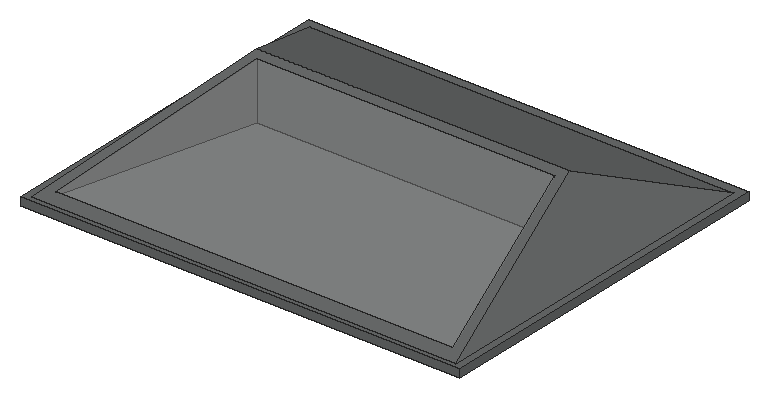
Revit family "LLF", category Lighting Fixtures, host Face, Revit 2014
Parameters (values of type "LLF")
  Wattage Comments = "21W"
  Wattage = 9.2903 W
  Watt = 21 W
  built-in parameter 1150110 = 1 (stored number, unit not read)
  Voltage = if(Is 120V, 120 V, 270 V)  # 120 V
  URL = "https://www.hubbell.com/kimlighting/en"
  Type Comments = "Flood Light"  # constant formula
  built-in parameter 1114217 = 1 (stored number, unit not read)
  Tilt Angle = 90.00°
  built-in parameter 1150109 = 1 (stored number, unit not read)
  built-in parameter 1150134 = 3
  built-in parameter 1150113 = 1 (stored number, unit not read)
  Product Material = Paint - Hubbell - Basic Black
  Product Link = "https://www.hubbell.com/kimlighting/en/Products/Lighting-Controls/Commercial-Outdoor-Lighting/Step-Lights/Low-Level-Flood/p/248415"
  Product Documentation Link = "https://hubbellcdn.com/catalogpage/kim_llfpled_psg.pdf"
  Photometric Web File = "llf10p35-20l3k.ies"
  Model = "LLF"
  Manufacturer = "Kim Lighting"  # constant formula
  built-in parameter 1150105 = 109.82 (stored number, unit not read)
  Lumens = 1380 lm
  built-in parameter 1150115 = 1 (stored number, unit not read)
  Load Classification = Lighting
  built-in parameter 1150137 = (empty or 0)
  built-in parameter 1150139 = (empty or 0)
  built-in parameter 1150112 = 1 (stored number, unit not read)
  built-in parameter 1150114 = 1 (stored number, unit not read)
  Lamp = "LED"
  Keynote = "Lighting"  # constant formula
  Is 270V = not(Is 120V)  # no
  Is 120V = yes
  built-in parameter 1150132 = (empty or 0)
  built-in parameter 1150102 = (empty or 0)
  built-in parameter 1150107 = 3200 (stored number, unit not read)
  built-in parameter 1150138 = (empty or 0)
  built-in parameter 1150106 = 1.0982 (stored number, unit not read)
  Glass = Hubbell - Glass
  built-in parameter 1150127 = 10.00"
  Emit from Rectangle Length = 6.00"
  Emit Shape Visible in Rendering = no
  built-in parameter 1150104 = 13.8 (stored number, unit not read)
  Dimming Lamp Color Temperature Shift = <None>
  Description = "Low Level Flood"  # constant formula
  Default Elevation = 48.00"
  Color Filter = 16777215
  built-in parameter 1114218 = 1 (stored number, unit not read)
  Emit from Rectangle Width = 120.00"
  Assembly Code = "D5020200"
  Apparent Load = Watt  # 21 VA
Reference planes (in)
  plane 1 "Center (Front/Back)": y = 0
  plane 2: z = 0
  plane 3 "Center (Left/Right)": x = 0
  plane 4: z = 0.25
  plane 5: x = -6.93
  plane 6: x = 6.93
  plane 7: y = 5.68
  plane 8: y = -5.68
  plane 9: z = 2.125
  plane 10: x = -6.68
  plane 11: x = 6.68
Forms (in)
  Extrusion 1, solid, material "Paint - Hubbell - Basic Black" <- "Product Material"
    sketch origin (0, 0, 0) x (1, 0, 0) y (0, 1, 0)
      loop
        line (-6.93, 5.68) -> (-6.93, -5.68) -> (6.93, -5.68) -> (6.93, 5.68) -> (-6.93, 5.68)
    from 0 to 0.25
  Extrusion 2, solid, material "Paint - Hubbell - Basic Black" <- "Product Material"
    sketch origin (0, 0, 0) x (0, 1, 0) y (0, 0, 1)
      loop
        line (5.43, 0.25) -> (1.15938, 2.125) -> (-5.52298, 0.25) -> (5.43, 0.25)
    from -6.68 to 6.68
  Extrusion 3, void
    sketch origin (0, 0, 0) x (1, 0, 0) y (0, 0, 1)
      loop
        line (-6.68, 0.25) -> (-4.58407, 2.49699) -> (-6.68, 2.49699) -> (-6.68, 0.25)
      loop
        line (6.68, 0.25) -> (6.68, 2.49699) -> (4.58407, 2.49699) -> (6.68, 0.25)
    from -5.68 to 5.68
  Extrusion 4, void
    sketch origin (0, 0, 0) x (1, 0, 0) y (0, 1, 0)
      loop
        line (4.69946, 0.85938) -> (-4.69946, 0.85938) -> (-6.26318, -5.11523) -> (6.26318, -5.11523) -> (4.69946, 0.85938)
    from 0.25 to 12
  Extrusion 5, solid, material "Hubbell - Glass" <- "Glass"
    sketch origin (0, 0, 0) x (1, 0, 0) y (0, 1, 0)
      loop
        line (-6.26318, -5.11523) -> (6.26318, -5.11523) -> (4.69946, 0.85938) -> (-4.69946, 0.85938) -> (-6.26318, -5.11523)
    from 0.25 to 3.21843
  Extrusion 6, void
    sketch origin (0, 0, 0) x (0, 1, 0) y (0, 0, 1)
      loop
        line (1.15938, 2.125) -> (1.15938, 4.125) -> (-5.68, 4.125) -> (-5.68, 0.25) -> (-5.52298, 0.25) -> (1.15938, 2.125)
    from -10.71972 to 12
Cuts and joins
  Extrusion 3, Extrusion 4, Extrusion 6 cuts Extrusion 2
  Extrusion 4, Extrusion 6 cuts Extrusion 1
  Extrusion 6 cuts Extrusion 5
Lines and regions (in)
  reference lines
    curve 1: line (-1.77128, 0, -2.5) -> (-2.16348, 0, 1.48288)
    curve 2: line (-4.22933, 0, -0.60987) -> (7.27411, 0, -0.60987)
    curve 3: line (4.77128, 0, -2.5) -> (5.16348, 0, 1.48288)
    curve 4: line (0, 1.75, 0.125) -> (0, 1.51884, 0.35616)
    curve 5: line (0, 1.51884, 0.35616) -> (0, 0.19036, 0.25)
    curve 6: line (0, -1.08463, 0.25) -> (0, -1.75, 0.125)
Dimensions and locks (in)
  equal spacing: plane 5, plane 3 "Center (Left/Right)", plane 6
  plane 5 to plane 6 = 13.86"
  equal spacing: plane 7, plane 1 "Center (Front/Back)", plane 8
  plane 7 to plane 8 = 11.36"
  locked: plane 4 to plane 2 at 0.25
  plane 9 to plane 2 = 2.125"
  plane 10 to plane 5 = 0.25"
  aligned and locked: plane 2 to host face
  aligned and locked: level to host face
  aligned and locked: Extrusion 1 sketch curve to plane 7
  aligned and locked: plane 5 to Extrusion 1 sketch curve
  aligned and locked: Extrusion 1 sketch curve to plane 8
  aligned and locked: Extrusion 1 sketch curve to plane 6
  aligned and locked: plane 4 to Extrusion 1
  aligned and locked: Extrusion 2 to plane 10
  aligned and locked: Extrusion 2 to plane 11
Automatic sketch dimensions
  host sketch curve to host sketch curve = 96.00"  (x2)
  curve 6 to plane 4 = 0.00"
  curve 5 to plane 4 = 0.00"
  plane 1 "Center (Front/Back)" to curve 6 = 1.75"
  curve 6 to curve 6 = 0.66537"
  curve 5 to plane 1 "Center (Front/Back)" = 0.19036"
  curve 5 to curve 5 = 1.32848"
  curve 4 to curve 4 = 0.23116"
  curve 2 to level = 0.60987"
  plane 5 to curve 2 = 2.70067"
  plane 4 to curve 1 = 1.23288"
  curve 2 to curve 1 = 2.06585"
  curve 2 to curve 1 = 2.45805"
  curve 3 to plane 6 = 2.15872"
  curve 3 to plane 6 = 1.76652"
  plane 6 to curve 2 = 0.34411"
  plane 4 to curve 3 = 1.23288"
  curve 1 to level = 2.50"
  curve 3 to level = 2.50"
  level to curve 4 = 0.35616"
  level to curve 4 = 0.125"
  level to curve 6 = 0.125"
  Extrusion 2 sketch curve to plane 4 = 0.00"
  Extrusion 2 sketch curve to plane 8 = 0.15702"
  Extrusion 2 sketch curve to plane 1 "Center (Front/Back)" = 1.15938"
  Extrusion 2 sketch curve to plane 7 = 0.25"
  plane 4 to Extrusion 2 sketch curve = 1.875"
  Extrusion 3 sketch curve to plane 4 = 0.00"  (x2)
  Extrusion 3 sketch curve to plane 10 = 0.00"
  plane 11 to Extrusion 3 sketch curve = 0.00"
  plane 10 to Extrusion 3 sketch curve = 2.09593"
  plane 11 to Extrusion 3 sketch curve = 2.09593"
  Extrusion 3 sketch curve to Extrusion 3 sketch curve = 2.24699"
  plane 4 to Extrusion 3 sketch curve = 2.24699"
  plane 10 to Extrusion 4 sketch curve = 0.41682"
  Extrusion 4 sketch curve to plane 1 "Center (Front/Back)" = 0.85938"
  Extrusion 4 sketch curve to plane 8 = 0.56477"
  plane 11 to Extrusion 4 sketch curve = 0.41682"
  plane 11 to Extrusion 4 sketch curve = 1.98054"
  plane 10 to Extrusion 4 sketch curve = 1.98054"
  plane 10 to Extrusion 5 sketch curve = 0.41682"
  Extrusion 5 sketch curve to plane 1 "Center (Front/Back)" = 0.85938"
  plane 10 to Extrusion 5 sketch curve = 1.98054"
  plane 11 to Extrusion 5 sketch curve = 1.98054"
  plane 11 to Extrusion 5 sketch curve = 0.41682"
  Extrusion 5 sketch curve to plane 8 = 0.56477"
  Extrusion 6 sketch curve to plane 8 = 0.00"
  Extrusion 6 sketch curve to plane 4 = 0.00"
  Extrusion 6 sketch curve to plane 8 = 0.15702"
  Extrusion 6 sketch curve to plane 1 "Center (Front/Back)" = 1.15938"
  plane 4 to Extrusion 6 sketch curve = 1.875"
  Extrusion 6 sketch curve to Extrusion 6 sketch curve = 2.00"
Connectors (in)
  electrical at (0, 3.29469, 1.1875)
    settings: on cut or joined group of Extrusion 2, Extrusion 3, Extrusion 4, Extrusion 6, index 1, voltage 120 V, apparent load 21 VA, apparent load phase1 0 VA, apparent load phase2 0 VA, apparent load phase3 0 VA, power factor 1, load classification "Other", number of poles 1, system type 30, power factor state 1, is connector primary yes, connector utility no, sub classification motor no, connector description "Lighting Connector"
